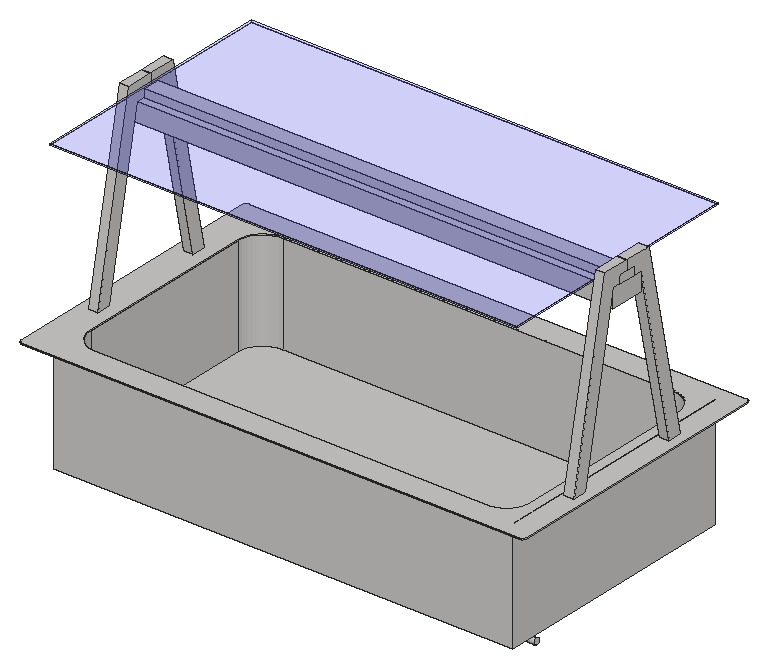
Revit family "QF_ELECTROLUXPROFESSIONAL_CC0HN2_CC0HN2", category Specialty Equipment, Revit 2023
Family settings
  Round Connector Dimension = Use Diameter
  Part Type = Normal
  Work Plane-Based = No
  Enable Cutting in Views = No
  Always vertical = Yes
  Cut with Voids When Loaded = No
  Maintain Annotation Orientation = No
  Shared = No
  Room Calculation Point = No
Parameters (values of type "Standard")
  Weight = 46.00 kg
  Watts = 0 W
  Volts = 220 V
  URL Manufacturer = "http://www.electroluxprofessional.com"
  URL = "http://www.electroluxprofessional.com"
  Steam Supply Size = 0 mm
  Steam Supply Minimum Pressure = 0.0 Pa
  Steam Supply Maximum Pressure = 0.0 Pa
  Steam Consumption per Hour = 0
  Refrigeration Suction Line Size = 0 mm
  Refrigeration Liquid Line Size = 0 mm
  Refrigerant Compressor Remote = yes
  Default Elevation = 0 mm
  Manufacturer = "Electrolux Professional"
  Phase = 1
  Model = "CC0HN2"
  Length Actual = 1100 mm
  Item Number = "CC0HN2"
  Hot Water Size = 0 mm
  Height Actual = 664 mm
  HP = "2.7 HP"
  Gas Size = 0 mm
  Gas KW = 0
  Gas Input Pressure = 0 W
  Direct Waste Size = 25.4 mm
  Description = "DROP-IN BAIN-MARIE, WATER, SINGLE WELL, 3GN WITH A TYPE OVERSHELF AND HALOGEN LAMP"
  Depth Actual = 620 mm
  Cycle = 50 Hz
  Condensate Return Size = 0 mm
  Compressed Air Volume = 0.0 L/s
  Compressed Air Size = 0 mm
  Compressed Air Pressure = 0.0 Pa
  Cold Water Size = 12.7 mm
  Accessory = no
Reference planes
  plane 1 "BACK": y = 0
  plane 2: z = 5.426
  plane 3 "LEFT": x = 0
  plane 4: y = -620
  plane 5: z = 409.426
  plane 6: y = -310
  plane 7: x = 550
Forms (mm)
  Extrusion 1, solid, material "QF_Finishes_Stainless Steel"
    sketch origin (-320, 0, 5.426) x (1, 0, 0) y (0, 1, 0)
      loop
        arc (330, 0) -> (322.929, -2.929) -> (320, -10) r 10
        line (320, -10) -> (320, -610)
        arc (320, -610) -> (322.929, -617.071) -> (330, -620) r 10
        line (330, -620) -> (1410, -620)
        arc (1410, -620) -> (1417.071, -617.071) -> (1420, -610) r 10
        line (1420, -610) -> (1420, -10)
        arc (1420, -10) -> (1417.071, -2.929) -> (1410, 0) r 10
        line (1410, 0) -> (330, 0)
    from 0 to 1
  Extrusion 2, solid, material "QF_Finishes_Stainless Steel"
    sketch origin (0, 0, 12.548) x (1, 0, 0) y (0, 1, 0)
      loop
        line (50, -35) -> (50, -585) -> (1050, -585) -> (1050, -35) -> (50, -35)
    from -251.122 to -7.122
  Extrusion 3, void
    sketch origin (0, 0, -2.817) x (1, 0, 0) y (0, 1, 0)
      loop
        arc (125, -55) -> (86.109, -71.109) -> (70, -110) r 55
        line (70, -110) -> (70, -510)
        arc (70, -510) -> (86.109, -548.891) -> (125, -565) r 55
        line (125, -565) -> (975.082, -565)
        arc (975.082, -565) -> (1013.973, -548.891) -> (1030.082, -510) r 55
        line (1030.082, -510) -> (1030.082, -110)
        arc (1030.082, -110) -> (1013.973, -71.109) -> (975.082, -55) r 55
        line (975.082, -55) -> (125, -55)
    from -209.107 to 9.244
  Extrusion 4, solid, material "QF_Finishes_Stainless Steel"
    sketch origin (21.5, -620, 0) x (0, -1, 0) y (0, 0, -1)
      loop
        line (-310, -409.426) -> (-250.873, -409.426) -> (-165, -5.426) -> (-195, -5.426) -> (-272.583, -370.426) -> (-310, -370.426) -> (-310, -409.426)
    from 0 to 20
  Extrusion 5, solid, material "QF_Finishes_Stainless Steel"
    sketch origin (21.5, 0, 0) x (0, 1, 0) y (0, 0, 1)
      loop
        line (-310, 409.426) -> (-310, 370.426) -> (-272.583, 370.426) -> (-195, 5.426) -> (-165, 5.426) -> (-250.873, 409.426) -> (-310, 409.426)
    from 0 to 20
  Extrusion 6, solid, material "QF_Finishes_Stainless Steel"
    sketch origin (1077.726, -620, 0) x (0, -1, 0) y (0, 0, 1)
      loop
        line (-310, 409.426) -> (-310, 370.426) -> (-272.583, 370.426) -> (-195, 5.426) -> (-165, 5.426) -> (-250.873, 409.426) -> (-310, 409.426)
    from 0 to 20
  Extrusion 7, solid, material "QF_Finishes_Stainless Steel"
    sketch origin (1077.726, 0, 0) x (0, 1, 0) y (0, 0, -1)
      loop
        line (-310, -409.426) -> (-250.873, -409.426) -> (-165, -5.426) -> (-195, -5.426) -> (-272.583, -370.426) -> (-310, -370.426) -> (-310, -409.426)
    from 0 to 20
  Extrusion 8, solid, material "QF_Finishes_Stainless Steel"
    sketch origin (0, 0, 0) x (0, 1, 0) y (0, 0, 1)
      loop
        line (-291.292, 370.426) -> (-291.292, 387.956) -> (-328.917, 387.956) -> (-328.917, 370.426) -> (-291.292, 370.426)
    from 21.5 to 1077.726
  Extrusion 9, solid, material "Vetro"
    sketch origin (-14.94, 0, 5.426) x (1, 0, 0) y (0, 1, 0)
      loop
        line (56.94, -35) -> (56.94, -585) -> (1072.666, -585) -> (1072.666, -35) -> (56.94, -35)
    from 382.529 to 387.529
  Extrusion 10, solid, material "QF_Finishes_Stainless Steel"
    sketch origin (329.693, -341.308, -643.387) x (0, 0, -1) y (0, 1, 0)
      loop
        circle (-372.814, -140.692) r 12.7
    from 5 to 70.307
  Extrusion 11, solid, material "QF_Finishes_Stainless Steel"
    sketch origin (0, 0, 0) x (0, 1, 0) y (0, 0, 1)
      loop
        line (-272.583, 370.426) -> (-347.583, 370.426) -> (-347.583, 330.426) -> (-272.583, 330.426) -> (-272.583, 370.426)
    from 21.5 to 1077.726
  Extrusion 12, solid, material "QF_Finishes_Stainless Steel"
    sketch origin (34.947, 0, 0) x (0, 1, 0) y (0, 0, 1)
      loop
        line (-280.414, 330.426) -> (-340.414, 330.426) -> (-340.414, 325.426) -> (-280.414, 325.426) -> (-280.414, 330.426)
    from 113.553 to 313.553
  Extrusion 13, solid, material "QF_Finishes_Stainless Steel"
    sketch origin (769.053, 0, 0) x (0, 1, 0) y (0, 0, -1)
      loop
        line (-280.414, -330.426) -> (-280.414, -325.426) -> (-340.414, -325.426) -> (-340.414, -330.426) -> (-280.414, -330.426)
    from 113.553 to 313.553
  Extrusion 14, solid, material "QF_Finishes_Stainless Steel"
    sketch origin (0, 0, 5.426) x (1, 0, 0) y (0, 1, 0)
      loop
        circle (386.025, -481.971) r 12.675
    from -276 to -244
  Extrusion 15, solid, material "QF_Finishes_Stainless Steel"
    sketch origin (1076.053, 0, 0) x (0, 1, 0) y (0, 0, -1)
      loop
        line (-280.414, -330.426) -> (-280.414, -325.426) -> (-340.414, -325.426) -> (-340.414, -330.426) -> (-280.414, -330.426)
    from 113.553 to 313.553
  Extrusion 16, solid, material "QF_Finishes_Stainless Steel"
    sketch origin (1066.957, -635.663, -643.387) x (0, 0, -1) y (0, -1, 0)
      loop
        circle (-372.814, -140.692) r 6.35
    from 36.875 to 70.307
  Extrusion 17, solid, material "QF_Finishes_Stainless Steel"
    sketch origin (1389.025, -976.971, 5.426) x (-1, 0, 0) y (0, -1, 0)
      loop
        circle (386.025, -481.971) r 6.35
    from -276 to -244
Cuts and joins
  Extrusion 3 cuts Extrusion 1
  Extrusion 3 cuts Extrusion 2
Dimensions and locks
  equal spacing: Extrusion 1, Extrusion 2 sketch curve, Extrusion 2 sketch curve, Extrusion 1  (x2)
  Extrusion 1 to Extrusion 1 = 1100 mm
  Extrusion 1 to plane 1 "BACK" = 620 mm
  equal spacing: Extrusion 2, Extrusion 3 sketch curve, Extrusion 3 sketch curve, Extrusion 2  (x2)
  plane 5 to plane 2 = 404 mm
  Extrusion 11 sketch curve to cut or joined group of Extrusion 1, Extrusion 3 = 324 mm
  equal spacing: plane 3 "LEFT", plane 7, cut or joined group of Extrusion 1, Extrusion 3
  aligned and locked: level to plane 2
Automatic sketch dimensions
  Extrusion 1 sketch curve to plane 3 "LEFT" = 0 mm
  plane 4 to Extrusion 1 sketch curve = 0 mm
  plane 1 "BACK" to Extrusion 1 sketch curve = 0 mm
  plane 3 "LEFT" to Extrusion 1 sketch curve = 10 mm  (x2)
  plane 7 to Extrusion 1 sketch curve = 540 mm  (x2)
  Extrusion 1 sketch curve to Extrusion 1 sketch curve = 10 mm
  plane 3 "LEFT" to Extrusion 2 sketch curve = 50 mm
  Extrusion 2 sketch curve to plane 4 = 35 mm
  plane 7 to Extrusion 2 sketch curve = 500 mm
  plane 1 "BACK" to Extrusion 2 sketch curve = 35 mm
  plane 3 "LEFT" to Extrusion 3 sketch curve = 70 mm
  Extrusion 3 sketch curve to Extrusion 3 sketch curve = 55 mm  (x3)
  Extrusion 3 sketch curve to plane 4 = 55 mm
  plane 7 to Extrusion 3 sketch curve = 425.082 mm
  plane 1 "BACK" to Extrusion 3 sketch curve = 110 mm
  Extrusion 3 sketch curve to Extrusion 3 sketch curve = 0 mm
  Extrusion 4 sketch curve to plane 6 = 0 mm
  plane 5 to Extrusion 4 sketch curve = 0 mm
  Extrusion 4 sketch curve to level = 0 mm
  Extrusion 4 sketch curve to Extrusion 4 sketch curve = 37.417 mm
  Extrusion 4 sketch curve to Extrusion 4 sketch curve = 21.71 mm
  plane 6 to Extrusion 4 sketch curve = 115 mm
  Extrusion 4 sketch curve to Extrusion 4 sketch curve = 30 mm
  Extrusion 4 sketch curve to Extrusion 4 sketch curve = 39 mm
  Extrusion 5 sketch curve to plane 6 = 0 mm
  plane 5 to Extrusion 5 sketch curve = 0 mm
  Extrusion 5 sketch curve to level = 0 mm
  Extrusion 5 sketch curve to Extrusion 5 sketch curve = 37.417 mm
  Extrusion 5 sketch curve to Extrusion 5 sketch curve = 21.71 mm
  plane 6 to Extrusion 5 sketch curve = 115 mm
  Extrusion 5 sketch curve to Extrusion 5 sketch curve = 30 mm
  Extrusion 5 sketch curve to Extrusion 5 sketch curve = 39 mm
  Extrusion 6 sketch curve to plane 6 = 0 mm
  plane 5 to Extrusion 6 sketch curve = 0 mm
  Extrusion 6 sketch curve to level = 0 mm
  Extrusion 6 sketch curve to Extrusion 6 sketch curve = 37.417 mm
  Extrusion 6 sketch curve to Extrusion 6 sketch curve = 21.71 mm
  Extrusion 6 sketch curve to plane 6 = 115 mm
  Extrusion 6 sketch curve to Extrusion 6 sketch curve = 30 mm
  Extrusion 6 sketch curve to Extrusion 6 sketch curve = 39 mm
  Extrusion 7 sketch curve to plane 6 = 0 mm
  plane 5 to Extrusion 7 sketch curve = 0 mm
  Extrusion 7 sketch curve to level = 0 mm
  Extrusion 7 sketch curve to Extrusion 7 sketch curve = 37.417 mm
  Extrusion 7 sketch curve to Extrusion 7 sketch curve = 21.71 mm
  plane 6 to Extrusion 7 sketch curve = 115 mm
  Extrusion 7 sketch curve to Extrusion 7 sketch curve = 30 mm
  Extrusion 7 sketch curve to Extrusion 7 sketch curve = 39 mm
  Extrusion 8 sketch curve to plane 6 = 18.917 mm
  plane 6 to Extrusion 8 sketch curve = 18.708 mm
  plane 5 to Extrusion 8 sketch curve = 39 mm
  Extrusion 8 sketch curve to Extrusion 8 sketch curve = 17.529 mm
  plane 3 "LEFT" to Extrusion 9 sketch curve = 42 mm
  Extrusion 9 sketch curve to plane 4 = 35 mm
  plane 7 to Extrusion 9 sketch curve = 507.726 mm
  plane 1 "BACK" to Extrusion 9 sketch curve = 35 mm
  Extrusion 10 sketch curve to level = 276 mm
  Extrusion 10 sketch curve to plane 4 = 138 mm
  Extrusion 11 sketch curve to plane 6 = 37.583 mm
  plane 6 to Extrusion 11 sketch curve = 37.417 mm
  plane 5 to Extrusion 11 sketch curve = 39 mm
  Extrusion 12 sketch curve to plane 6 = 30.414 mm
  plane 6 to Extrusion 12 sketch curve = 29.586 mm
  plane 5 to Extrusion 12 sketch curve = 84 mm
  Extrusion 12 sketch curve to Extrusion 12 sketch curve = 5 mm
  Extrusion 13 sketch curve to plane 6 = 30.414 mm
  plane 6 to Extrusion 13 sketch curve = 29.586 mm
  plane 5 to Extrusion 13 sketch curve = 79 mm
  Extrusion 13 sketch curve to Extrusion 13 sketch curve = 5 mm
  Extrusion 14 sketch curve to plane 7 = 163.975 mm
  Extrusion 14 sketch curve to plane 4 = 138.029 mm
  Extrusion 15 sketch curve to plane 6 = 30.414 mm
  plane 6 to Extrusion 15 sketch curve = 29.586 mm
  plane 5 to Extrusion 15 sketch curve = 79 mm
  Extrusion 15 sketch curve to Extrusion 15 sketch curve = 5 mm
  Extrusion 16 sketch curve to plane 6 = 184.971 mm
  Extrusion 16 sketch curve to level = 276 mm
  Extrusion 17 sketch curve to plane 6 = 185 mm
  plane 7 to Extrusion 17 sketch curve = 453 mm
  radius of Extrusion 10 sketch curve = 12.7 mm
  radius of Extrusion 14 sketch curve = 12.675 mm
  radius of Extrusion 16 sketch curve = 6.35 mm
  radius of Extrusion 17 sketch curve = 6.35 mm
Connectors
  piping at (334.693, -482, -270.574), diameter 25.4
    settings: on Extrusion 10, index 5, connector inside diameter 609.6 mm, connector length 0 mm, flow factor 0, pipe flow 0.0 L/s, pressure drop 0.0 Pa, fitting loss kfactor 0, connector angle 0.00°, fixture units 0, engagement length 0 mm, angle of deflection 0.00°, flow configuration 0, flow direction 0, fitting loss method 0, system type 29, joint type 0, gender type 0, connector reference index -1, connector utility 0, adjustable connector no, is connector primary yes, connector description "D"
  piping at (1030.082, -494.971, -270.574), diameter 12.7
    settings: on Extrusion 16, index 6, connector inside diameter 609.6 mm, connector length 0 mm, flow factor 0, pipe flow 0.0 L/s, pressure drop 0.0 Pa, fitting loss kfactor 0, connector angle 0.00°, fixture units 0, engagement length 0 mm, angle of deflection 0.00°, flow configuration 0, flow direction 0, fitting loss method 0, system type 29, joint type 0, gender type 0, connector reference index -1, connector utility 0, adjustable connector no, is connector primary no, connector description "WI"
